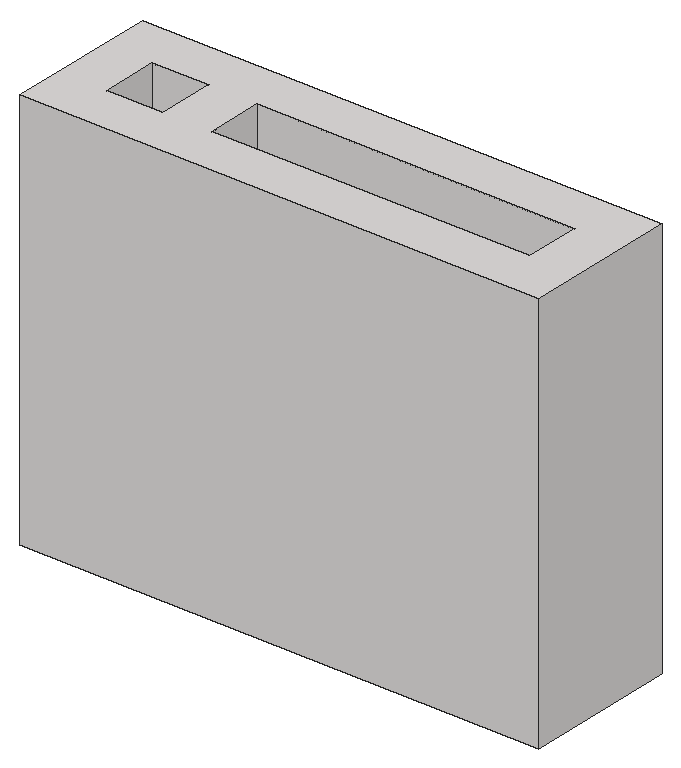
Revit family "BRU_Вентканал_для кровли", category Стены, Revit 2021
Family settings
  На основе рабочей плоскости = Нет
  Всегда вертикально = Нет
  При загрузке вырезать с полостями = Нет
  Общий = Нет
Parameters (values of type "Кухня до 10эт")
  Ширина проема = 140 mm
  Ширина ВентКанала = 140 mm
  Ширина = 120 mm
  Расстояние м/у нижней и верхней перегородками = 300 mm
  Площадь [instance] = (Ширина / 2 + Ширина проема + Ширина + Глубина ВентКанала + Ширина / 2 + Ширина / 2 + Ширина ВентКанала + Ширина / 2 + Ширина / 2 + Глубина ВентКанала + Ширина + Ширина проема + Ширина / 2 + Ширина / 2 + Ширина ВентКанала + Ширина / 2) * Высота вентканала + (Ширина ВентКанала) * (Высота вентканала + Высота ВерхнегоВыступа) - Высота проема * Ширина проема  # 2.9804 m²
  Материал несущих конструкций = ADSK_Кладка_Кирпич_Рядовой_Силикатный полуторный
  Комментарии к типоразмеру = "ВК"
  Группа модели = "BRU_Вентканал_КирпичКерамическийРядовойПолнотелый1НФ_120мм"
  Глубина ВентКанала = 790 mm
  ВысотаЭтажа [instance] = 1000 mm
  Высота проема = 140 mm
  Высота нижней перегородки = 2150 mm
  Высота верхней перегородки = 260 mm
  Высота вентканала [instance] = 1000 mm
  Высота ВерхнегоВыступа = 0 mm
  Высота polki = 215 mm
Types (5, lengths in mm): name | Ширина ВентКанала | Расстояние м/у нижней и верхней перегородками | Площадь | Глубина ВентКанала | ВысотаЭтажа | Высота верхней перегородки | Высота вентканала | Высота ВерхнегоВыступа | Высота polki
  Кухня до 10эт | 140 | 300 | 2.9804 m² | 790 | 1000 | 260 | 1000 | 0 | 215
  С/у основной до 10эт | 140 | 310 | 7.3214 m² | 660 | 2850 | 390 | 2670 | 180 | 160
  С/у гостевой до 10эт | 140 | 310 | 5.9078 m² | 400 | 2670 | 260 | 2670 | 0 | 215
  С/у с душем до 10эт | 140 | 310 | 7.3214 m² | 660 | 2850 | 390 | 2670 | 180 | 160
  С/у основной 9 эт | 270 | 310 | 7.6919 m² | 530 | 2850 | 390 | 2670 | 180 | 160
Reference planes
  plane 1: y = 0
  plane 2 "Основание": z = 0
  plane 3: x = 0
  plane 4: y = 190
  plane 5: y = -190
  plane 6: x = 645
  plane 7: x = -645
  plane 8: y = 70
  plane 9: y = -70
  plane 10: x = -525
  plane 11: x = 525
  plane 12 "Верхняя граница": z = 1000
  plane 13: x = -385
  plane 14: x = -265
  plane 15 "Высота перегородки": z = 365
  plane 16 "Низ polki": z = 525
  plane 17 "Низ проема": z = 740
  plane 18 "Верх (внутр)": z = 1000
  plane 19 "Верх проема": z = 880
Forms (mm)
  Extrusion 1, solid, material "ADSK_Кладка_Кирпич_Рядовой_Силикатный полуторный"
    sketch origin (-79401.136, 24078.591, 0) x (1, 0, 0) y (0, 1, 0)
      loop
        line (80046.136, -24268.591) -> (80046.136, -23888.591) -> (78756.136, -23888.591) -> (78756.136, -24268.591) -> (80046.136, -24268.591)
      loop
        line (79926.136, -24148.591) -> (79926.136, -24008.591) -> (78876.136, -24008.591) -> (78876.136, -24148.591) -> (79926.136, -24148.591)
    from 0 to 1000
  Extrusion 2, solid, material "ADSK_Кладка_Кирпич_Рядовой_Силикатный полуторный"
    sketch origin (-79141.136, 24078.591, 0) x (1, 0, 0) y (0, 1, 0)
      loop
        line (78876.136, -24148.591) -> (78876.136, -24008.591) -> (78756.136, -24008.591) -> (78756.136, -24148.591) -> (78876.136, -24148.591)
    from 0 to 1000
Cuts and joins
  joined: Extrusion 1, Extrusion 2
Dimensions and locks
  "Высота проема": plane 17 "Низ проема" to plane 19 "Верх проема"
  "Ширина проема": plane 10 to plane 13
  "Высота вентканала": plane 2 "Основание" to plane 12 "Верхняя граница"
  "Высота верхней перегородки": plane 17 "Низ проема" to plane 18 "Верх (внутр)"
  "Ширина": plane 9 to plane 5
  "Ширина": plane 7 to plane 10
  "Ширина": plane 13 to plane 14
  "Ширина": plane 11 to plane 6
  "Глубина ВентКанала": plane 14 to plane 11
  "Ширина": plane 4 to plane 8
  "Ширина ВентКанала": plane 8 to plane 9
  "Высота ВерхнегоВыступа": plane 18 "Верх (внутр)" to plane 12 "Верхняя граница"
  "Высота polki": plane 17 "Низ проема" to plane 16 "Низ polki"
  plane 16 "Низ polki" to plane 15 "Высота перегородки" = 160 mm
  "ВысотаЭтажа": plane 2 "Основание" to plane 18 "Верх (внутр)"
  plane 15 "Высота перегородки" to plane 2 "Основание" = 365 mm
  "Высота вентканала": cut or joined group of Extrusion 1, Extrusion 2 to Extrusion 2
  aligned and locked: Extrusion 1 to plane 5
  aligned and locked: plane 4 to Extrusion 1
  aligned and locked: plane 6 to Extrusion 1
  aligned and locked: Extrusion 1 to plane 7
  aligned and locked: plane 12 "Верхняя граница" to Extrusion 1
  aligned and locked: Extrusion 2 to plane 14
  aligned and locked: Extrusion 2 to plane 9
  aligned and locked: plane 8 to Extrusion 2
  aligned and locked: plane 13 to Extrusion 2
  aligned and locked: Extrusion 1 to plane 11
  aligned and locked: Extrusion 1 to plane 8
  aligned and locked: plane 9 to Extrusion 1
  aligned and locked: plane 10 to Extrusion 1
Automatic sketch dimensions
  Extrusion 2 sketch curve to plane 9 = 0 mm
  Extrusion 2 sketch curve to plane 13 = 0 mm
  Extrusion 2 sketch curve to plane 8 = 0 mm
  Extrusion 2 sketch curve to plane 14 = 0 mm
  Extrusion 1 sketch curve to plane 5 = 0 mm
  Extrusion 1 sketch curve to plane 7 = 0 mm
  Extrusion 1 sketch curve to plane 8 = 0 mm
  Extrusion 1 sketch curve to plane 10 = 0 mm
  Extrusion 1 sketch curve to plane 9 = 0 mm
  Extrusion 1 sketch curve to plane 11 = 0 mm
  Extrusion 1 sketch curve to plane 6 = 0 mm
  Extrusion 1 sketch curve to plane 4 = 0 mm
